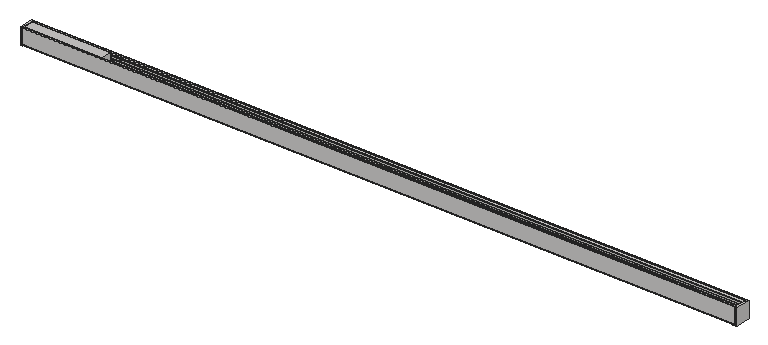
Revit family "Lighting - Luminii - Stenos - Surface Track Master Assembly", category Lighting Fixtures, host Face, Revit 2020
Family settings
  Host = Face
  Round Connector Dimension = Use Diameter
  Part Type = Normal
  OmniClass Number = 23.80.70.11.14.21
  OmniClass Title = Spots and Tracklight Specialties
  Cut with Voids When Loaded = No
  Light Source = No
  Shared = Yes
  Room Calculation Point = No
Parameters (values of type "Stenos Surface - 48"")
  Width = 121/128"  # constant formula
  Wattage Comments = "96 W Max per Track"  # constant formula
  Warranty URL = "https://www.luminii.com/terms-conditions/"
  Voltage Comments = "24 VDC"  # constant formula
  Voltage = 24 V  # constant formula
  Version = "2020 - v1.0a"  # constant formula
  URL = "https://www.luminii.com/"
  Support Phone = "224-699-9545"  # constant formula
  Support Email = "mailto:support@bimsmith.com"
  Rigth Corner Down [instance] = no
  Right Power Module [instance] = no
  Right Corner Up [instance] = no
  Right Cap [instance] = yes
  Product Page URL = "https://www.luminii.com/product/stenos-surface-track/"
  Product Name = "Stenos Surface"  # constant formula
  Product Documentation Link = "https://www.luminii.com/wp-content/uploads/z_special_catalog_products/products/stenos-surface-track/specsheets/Stenos-Surface-Recessed-Trim-Track-specification.pdf"
  Power Source Type = "Driver"  # constant formula
  Power Factor = 1
  Phase = 1
  Number of Poles = if(and(or(Voltage = 120 V, Voltage = 277 V), Phase = 1), 1, if(and(or(Voltage = 208 V, Voltage = 240 V), Phase = 1), 2, if(and(or(Voltage = 208 V, Voltage = 240 V), Phase = 3), 3, if(and(Voltage > 300 V, Phase = 1), 2, if(and(Voltage > 400 V, Phase = 3), 3, 1)))))  # 1
  Model = "STS-48"
  Manufacturer Phone Number = "224-333-6033"  # constant formula
  Manufacturer Email = "mailto:info@luminii.com"
  Manufacturer Address = "7777 N Merrimac Ave, Niles, IL 60714"  # constant formula
  Manufacturer = "Luminii"  # constant formula
  Load Classification = Lighting
  Length = if(Constraints = 1, 48", if(Constraints = 2, 96", 144"))  # 48"
  Left Power Module [instance] = yes
  Left Corner Up [instance] = no
  Left Corner Down [instance] = no
  Left Cap [instance] = yes
  Lamp = "LED"  # constant formula
  Keynote = "26 50 00"
  Instruction Sheet Link = "https://www.luminii.com/wp-content/uploads/z_special_catalog_products/products/stenos-surface-track/install-guides/Stenos-Surface-Track-instructions.pdf"
  Frequency Comments = ""  # constant formula
  Frequency = 60 Hz
  Finish = Metal - Luminii - Silver Anodized Aluminum
  Environment = "Indoor"  # constant formula
  Description = "Trim Track System"  # constant formula
  Depth = 1 5/64"  # constant formula
  Default Elevation = 0"  # constant formula
  Current Amps = 50 A
  Copyright = "©2023 Luminii"  # constant formula
  Constraints = 1
  built-in parameter 1114216 [instance] = 0  # (empty or 0)
  built-in parameter 1140040 [instance] = 1 = 1  # 1
  Assembly Comments [instance] = "Only select either a cap or a corner, please dont select both options at the same time. Power module only when corner is not selected"  # constant formula
  Assembly Code = "D5020230"
  Apparent Load = 4 VA  # constant formula
Types (3): name | Model | Length | Constraints
  Stenos Surface - 48" | "STS-48" | 48" | 1
  Stenos Surface - 96" | "STS-96" | 96" | 2
  Stenos Surface - 144" | "STS-144" | 144" | 3
Reference planes (in)
  plane 1 "Center (Front/Back)": y = 0
  plane 2: z = 0
  plane 3 "Center (Left/Right)": x = 0
  plane 4: x = -24
  plane 5: x = 24
  plane 6: y = 0.47266
  plane 7: y = -0.47266
  plane 8: z = 1.07812
Forms (in)
  Extrusion 1, solid, material "Metal - Luminii - Silver Anodized Aluminum", not visible
    sketch origin (0, 0, 0) x (1, 0, 0) y (0, 1, 0)
      loop
        circle (0, 0) r 0.5
    from 0 to -0.17225
Lines and regions (in)
  model lines
    curve 1: line (-23.20366, 0.4725, 0) -> (-23.20366, -0.4725, 0)
Dimensions and locks (in)
  equal spacing: plane 4, plane 3 "Center (Left/Right)", plane 5
  equal spacing: plane 6, plane 1 "Center (Front/Back)", plane 7
  "Length": plane 4 to plane 5
  "Width": plane 6 to plane 7
  "Depth": plane 8 to plane 2
  aligned and locked: plane 2 to host face
  aligned and locked: plane 3 "Center (Left/Right)" to Extrusion 1 sketch curve
  aligned and locked: plane 1 "Center (Front/Back)" to Extrusion 1 sketch curve
  aligned and locked: plane 2 to Extrusion 1  (x2)
  aligned and locked: nested 1 to plane 4
  aligned and locked: plane 1 "Center (Front/Back)" to nested 1
  aligned and locked: plane 4 to nested 2
  aligned and locked: plane 1 "Center (Front/Back)" to nested 2
  aligned and locked: plane 5 to nested 3
  aligned and locked: plane 1 "Center (Front/Back)" to nested 3
  aligned and locked: nested 6 to plane 1 "Center (Front/Back)"
  aligned and locked: nested 7 to nested 6
  aligned and locked: plane 4 to nested 7
  aligned and locked: nested 6 to plane 4
  aligned and locked: nested 5 to plane 5
  aligned and locked: plane 5 to nested 4
  aligned and locked: nested 5 to plane 1 "Center (Front/Back)"
  aligned and locked: plane 1 "Center (Front/Back)" to nested 4
Automatic sketch dimensions
  host sketch curve to host sketch curve = 96"  (x2)
  plane 4 to curve 1 = 0.79634"
  plane 1 "Center (Front/Back)" to curve 1 = 0.4725"
  curve 1 to plane 1 "Center (Front/Back)" = 0.4725"
  radius of Extrusion 1 sketch curve = 1/2"
Nested families (in)
  nested 1: "Nested - Track" at (0, 0, 0), type "Nested - Track"
    with Length 48"
  nested 2: "Nested - Stopper" at (-21.35827, 0, 0), visible <- "Left Power Module", type "Nested - Stopper"
  nested 3: "Nested - Stopper" at (21.35827, 0, 0), visible <- "Right Power Module", type "Nested - Stopper"
  nested 4: "Nested - Corner" at (24.97779, 0, 0), visible <- "Right Corner Up", type "Nested - Corner"
  nested 5: "Nested - Corner" at (25, 0, 0) x (0, 1, 0) z (0, 0, 1), visible <- "Rigth Corner Down", type "Nested - Corner"
  nested 6: "Nested - Corner" at (-24.97779, 0, 0) x (-1, 0, 0) z (0, 0, 1), visible <- "Left Corner Down", type "Nested - Corner"
  nested 7: "Nested - Corner" at (-25, 0, 0) x (0, -1, 0) z (0, 0, 1), visible <- "Left Corner Up", type "Nested - Corner"
Connectors (in)
  electrical at (0, 0, 0), driven by "Number of Poles", driven by "Load Classification", driven by "Voltage", driven by "Apparent Load", driven by "Power Factor"
    settings: on Extrusion 1, index 1, voltage 24 V, apparent load 4 VA, apparent load phase1 0 VA, apparent load phase2 0 VA, apparent load phase3 0 VA, power factor 1, load classification "Lighting", number of poles 1, system type 30, power factor state 1, is connector primary yes, connector utility no, sub classification motor no, connector description "Power Connection"
Definition of nested family "Nested - Track"
  Parameters
    Right Cap = yes
    Length = 28"
    Left Cap = yes
    Finish = none
    Default Elevation = 48"
  Reference planes (in)
    plane 1 "Center (Front/Back)": y = 0
    plane 2: z = 0
    plane 3 "Center (Left/Right)": x = 0
    plane 4: x = -14
    plane 5: x = 14
    plane 6: x = 14.125
    plane 7: x = -14.125
  Forms (in)
    Extrusion 1, solid
      sketch origin (0, 0, 0) x (1, 0, 0) y (0, 1, 0)
        loop
          line (-48, 48) -> (-48, -48) -> (48, -48) -> (48, 48) -> (-48, 48)
      from 0 to -12
    Sweep 2, solid, material <- "Finish"
      path origin (0, 0, 0) x (1, 0, 0) y (0, 1, 0)
        loop
          line (-14, 0) -> (14, 0)
      profile origin (0, 0, 0) x (0, 1, 0) y (0, 0, 1)
        loop
          line (-0.39203, 1.077) -> (-0.4725, 1.077) -> (-0.4725, 0.03)
          arc (-0.4725, 0.03) -> (-0.46371, 0.00879) -> (-0.4425, 0) r 0.03
          line (-0.4425, 0) -> (-0.31126, 0) -> (-0.2925, 0.07) -> (-0.3925, 0.07) -> (-0.3925, 0.205) -> (0, 0.205) -> (0.3925, 0.205) -> (0.3925, 0.07) -> (0.2925, 0.07) -> (0.31126, 0) -> (0.4425, 0)
          arc (0.4425, 0) -> (0.46371, 0.00879) -> (0.4725, 0.03) r 0.03
          line (0.4725, 0.03) -> (0.4725, 1.077) -> (0.39203, 1.077) -> (0.34295, 0.992) -> (0.4195, 0.992) -> (0.4195, 0.892) -> (0.3545, 0.892)
          arc (0.3545, 0.892) -> (0.36437, 0.83561) -> (0.36402, 0.77837) r 0.31937
          arc (0.36402, 0.77837) -> (0.34633, 0.73661) -> (0.35495, 0.69208) r 0.07777
          arc (0.35495, 0.69208) -> (0.36308, 0.6413) -> (0.3385, 0.59613) r 0.07971
          line (0.3385, 0.59613) -> (0.3385, 0.524) -> (0.3935, 0.524) -> (0.3935, 0.414) -> (0, 0.414) -> (-0.3935, 0.414) -> (-0.3935, 0.524) -> (-0.3385, 0.524) -> (-0.3385, 0.59613)
          arc (-0.3385, 0.59613) -> (-0.36308, 0.6413) -> (-0.35495, 0.69208) r 0.07971
          arc (-0.35495, 0.69208) -> (-0.34633, 0.73661) -> (-0.36402, 0.77837) r 0.07777
          arc (-0.36402, 0.77837) -> (-0.36437, 0.83561) -> (-0.3545, 0.892) r 0.31937
          line (-0.3545, 0.892) -> (-0.4195, 0.892) -> (-0.4195, 0.992) -> (-0.34295, 0.992) -> (-0.39203, 1.077)
    Sweep 3, solid, material <- "Finish", visible <- "Left Cap"
      path origin (-28, 0, 0) x (-1, 0, 0) y (0, 1, 0)
        loop
          line (-14, 0) -> (-13.875, 0)
      profile origin (-14.0625, 0, 0) x (0, -1, 0) y (0, 0, 1)
        loop
          line (0.4725, 1.077) -> (-0.4725, 1.077) -> (-0.4725, 0.03)
          arc (-0.4725, 0.03) -> (-0.46371, 0.00879) -> (-0.4425, 0) r 0.03
          line (-0.4425, 0) -> (0.4425, 0)
          arc (0.4425, 0) -> (0.46371, 0.00879) -> (0.4725, 0.03) r 0.03
          line (0.4725, 0.03) -> (0.4725, 1.077)
    Sweep 4, solid, material <- "Finish", visible <- "Right Cap"
      path origin (28, 0, 0) x (1, 0, 0) y (0, 1, 0)
        loop
          line (-14, 0) -> (-13.875, 0)
      profile origin (14.0625, 0, 0) x (0, 1, 0) y (0, 0, 1)
        loop
          line (-0.4725, 1.077) -> (-0.4725, 0.03)
          arc (-0.4725, 0.03) -> (-0.46371, 0.00879) -> (-0.4425, 0) r 0.03
          line (-0.4425, 0) -> (0.4425, 0)
          arc (0.4425, 0) -> (0.46371, 0.00879) -> (0.4725, 0.03) r 0.03
          line (0.4725, 0.03) -> (0.4725, 1.077) -> (-0.4725, 1.077)
  Dimensions and locks (in)
    equal spacing: plane 4, plane 3 "Center (Left/Right)", plane 5
    "Length": plane 4 to plane 5
    locked: plane 7 to plane 4 at 0.125
    locked: plane 5 to plane 6 at 0.125
    aligned and locked: plane 2 to Extrusion 1
    aligned and locked: level to Extrusion 1
    aligned and locked: plane 4 to Sweep 2 sketch curve
    aligned and locked: plane 1 "Center (Front/Back)" to Sweep 2 sketch curve
    aligned and locked: plane 5 to Sweep 2 sketch curve
    aligned and locked: plane 4 to Sweep 3 sketch curve
    aligned and locked: Sweep 3 sketch curve to plane 1 "Center (Front/Back)"
    aligned and locked: plane 7 to Sweep 3 sketch curve
    aligned and locked: plane 1 "Center (Front/Back)" to Sweep 4 sketch curve
    aligned and locked: plane 6 to Sweep 4 sketch curve
    aligned and locked: plane 5 to Sweep 4 sketch curve
  Automatic sketch dimensions
    Extrusion 1 sketch curve to Extrusion 1 sketch curve = 96"  (x2)
    Sweep 2 sketch curve to level = 0"  (x2)
    Sweep 2 sketch curve to profile plane = 0"  (x2)
    profile plane to Sweep 2 sketch curve = 0.04612"
    Sweep 2 sketch curve to Sweep 2 sketch curve = 0.2384"  (x2)
    level to Sweep 2 sketch curve = 0.07"  (x2)
    profile plane to Sweep 2 sketch curve = 0.2925"
    Sweep 2 sketch curve to Sweep 2 sketch curve = 0.01876"  (x2)
    Sweep 2 sketch curve to Sweep 2 sketch curve = 0.05398"  (x2)
    Sweep 2 sketch curve to Sweep 2 sketch curve = 0.05844"  (x2)
    Sweep 2 sketch curve to Sweep 2 sketch curve = 0.01155"  (x2)
    Sweep 2 sketch curve to Sweep 2 sketch curve = 0.04907"  (x2)
    Sweep 2 sketch curve to Sweep 2 sketch curve = 0.1"  (x4)
    Sweep 2 sketch curve to Sweep 2 sketch curve = 0.055"  (x2)
    Sweep 2 sketch curve to Sweep 2 sketch curve = 0.065"
    Sweep 2 sketch curve to Sweep 2 sketch curve = 0.08517"  (x2)
    Sweep 2 sketch curve to Sweep 2 sketch curve = 0.05"  (x2)
    Sweep 2 sketch curve to Sweep 2 sketch curve = 0.08047"
    Sweep 2 sketch curve to profile plane = 0.04612"
    Sweep 2 sketch curve to profile plane = 0.2925"
    Sweep 2 sketch curve to Sweep 2 sketch curve = 0.07655"
    level to Sweep 2 sketch curve = 0.03"
    level to Sweep 2 sketch curve = 0.205"
    Sweep 2 sketch curve to Sweep 2 sketch curve = 0.209"
    Sweep 2 sketch curve to Sweep 2 sketch curve = 0.11"  (x2)
    Sweep 2 sketch curve to Sweep 2 sketch curve = 0.07213"  (x2)
    Sweep 2 sketch curve to Sweep 2 sketch curve = 0.05864"  (x2)
    Sweep 2 sketch curve to Sweep 2 sketch curve = 0.13235"  (x2)
    Sweep 2 sketch curve to Sweep 2 sketch curve = 0.15418"
    Sweep 2 sketch curve to Sweep 2 sketch curve = 0"  (x3)
    Sweep 2 sketch curve to Sweep 2 sketch curve = 0.16352"  (x2)
    Sweep 2 sketch curve to Sweep 2 sketch curve = 0.085"  (x2)
    Sweep 3 sketch curve to level = 0"
    profile plane to Sweep 3 sketch curve = 0.4725"
    Sweep 3 sketch curve to Sweep 3 sketch curve = 0.03"  (x2)
    Sweep 3 sketch curve to profile plane = 0.4425"
    Sweep 3 sketch curve to Sweep 3 sketch curve = 1.047"
    Sweep 4 sketch curve to level = 0"
    profile plane to Sweep 4 sketch curve = 0.4725"
    Sweep 4 sketch curve to Sweep 4 sketch curve = 0.03"
    level to Sweep 4 sketch curve = 0.03"
    Sweep 4 sketch curve to profile plane = 0.4425"
    Sweep 4 sketch curve to Sweep 4 sketch curve = 1.047"
Definition of nested family "Nested - Stopper"
  Parameters (values of type "Nested - Stopper")
    Length = 5.28346"
    Finish = none
    Default Elevation = 48"
  Reference planes (in)
    plane 1 "Center (Front/Back)": y = 0
    plane 2: z = 0
    plane 3 "Center (Left/Right)": x = 0
    plane 4: x = -2.64173
    plane 5: x = 2.64173
  Forms (in)
    Extrusion 1, solid
      sketch origin (0, 0, 0) x (1, 0, 0) y (0, 1, 0)
        loop
          line (-48, 48) -> (-48, -48) -> (48, -48) -> (48, 48) -> (-48, 48)
      from 0 to -12
    Sweep 2, solid, material <- "Finish"
      path origin (0, 0, 0) x (1, 0, 0) y (0, 1, 0)
        loop
          line (-2.64173, 0) -> (2.64173, 0)
      profile origin (0, 0, 0) x (0, 1, 0) y (0, 0, 1)
        loop
          line (0.35827, 1.07345) -> (-0.35827, 1.07345) -> (-0.35827, 1.03408) -> (-0.33522, 1.01103) -> (-0.3248, 0.414) -> (0.3248, 0.414) -> (0.33522, 1.01103) -> (0.35827, 1.03408) -> (0.35827, 1.07345)
  Dimensions and locks (in)
    equal spacing: plane 4, plane 3 "Center (Left/Right)", plane 5
    "Length": plane 4 to plane 5
    aligned and locked: plane 2 to Extrusion 1
    aligned and locked: level to Extrusion 1
    aligned and locked: plane 5 to Sweep 2 sketch curve
    aligned and locked: plane 4 to Sweep 2 sketch curve
    aligned and locked: plane 1 "Center (Front/Back)" to Sweep 2 sketch curve
  Automatic sketch dimensions
    Extrusion 1 sketch curve to Extrusion 1 sketch curve = 96"  (x2)
    profile plane to Sweep 2 sketch curve = 0.35827"
    profile plane to Sweep 2 sketch curve = 0.3248"
    Sweep 2 sketch curve to profile plane = 0.3248"
    Sweep 2 sketch curve to profile plane = 0.33522"
    Sweep 2 sketch curve to Sweep 2 sketch curve = 0.02305"  (x4)
    level to Sweep 2 sketch curve = 0.414"
    Sweep 2 sketch curve to Sweep 2 sketch curve = 0.59703"
    Sweep 2 sketch curve to Sweep 2 sketch curve = 0.62008"
    Sweep 2 sketch curve to Sweep 2 sketch curve = 0.03937"
Definition of nested family "Nested - Corner"
  Parameters
    Length = 28"
    Finish = none
    Default Elevation = 48"
  Reference planes (in)
    plane 1 "Center (Front/Back)": y = 0
    plane 2: z = 0
    plane 3 "Center (Left/Right)": x = 0
    plane 4: x = -14
    plane 5: x = 14
  Forms (in)
    Extrusion 1, solid
      sketch origin (0, 0, 0) x (1, 0, 0) y (0, 1, 0)
        loop
          line (-48, 48) -> (-48, -48) -> (48, -48) -> (48, 48) -> (-48, 48)
      from 0 to -12
    Sweep 2, solid, material <- "Finish"
      path origin (0, 0, 0) x (1, 0, 0) y (0, 1, 0)
        loop
          line (-0.97779, 0) -> (0, 0) -> (0, 1)
      profile origin (-0.4889, 0, 0) x (0, 1, 0) y (0, 0, 1)
        loop
          line (0, 0.414) -> (-0.3545, 0.414) -> (-0.3545, 1.012) -> (-0.39203, 1.077) -> (-0.4725, 1.077) -> (-0.4725, 0.03)
          arc (-0.4725, 0.03) -> (-0.46371, 0.00879) -> (-0.4425, 0) r 0.03
          line (-0.4425, 0) -> (-0.3925, 0) -> (-0.3925, 0.186) -> (0, 0.186) -> (0.3925, 0.186) -> (0.3925, 0) -> (0.4425, 0)
          arc (0.4425, 0) -> (0.46371, 0.00879) -> (0.4725, 0.03) r 0.03
          line (0.4725, 0.03) -> (0.4725, 1.077) -> (0.39203, 1.077) -> (0.3545, 1.012) -> (0.3545, 0.414) -> (0, 0.414)
    Sweep 3, solid, material <- "Finish"
      path origin (0, 0, 0) x (1, 0, 0) y (0, 1, 0)
        loop
          line (-3.09843, 0) -> (0, 0) -> (0, 3.09843)
      profile origin (-1.54921, 0, 0) x (0, 1, 0) y (0, 0, 1)
        loop
          line (0.35827, 1.07345) -> (-0.35827, 1.07345) -> (-0.35827, 1.03408) -> (-0.33522, 1.01103) -> (-0.32504, 0.42778) -> (0.32504, 0.42778) -> (0.33522, 1.01103) -> (0.35827, 1.03408) -> (0.35827, 1.07345)
    Sweep 4, solid, material <- "Finish"
      path origin (0, 0, 0) x (1, 0, 0) y (0, 1, 0)
        loop
          line (-2.125, 0) -> (0, 0) -> (0, 2.125)
      profile origin (-1.0625, 0, 0) x (0, 1, 0) y (0, 0, 1)
        loop
          line (-0.3825, 0.06789) -> (0.3825, 0.06789) -> (0.3825, 0.186) -> (-0.3825, 0.186) -> (-0.3825, 0.06789)
  Dimensions and locks (in)
    equal spacing: plane 4, plane 3 "Center (Left/Right)", plane 5
    "Length": plane 4 to plane 5
    aligned and locked: plane 2 to Extrusion 1
    aligned and locked: level to Extrusion 1
    aligned and locked: plane 1 "Center (Front/Back)" to Sweep 2 sketch curve
  Automatic sketch dimensions
    Extrusion 1 sketch curve to Extrusion 1 sketch curve = 96"  (x2)
    Sweep 2 sketch curve to level = 0"  (x2)
    Sweep 2 sketch curve to profile plane = 0"  (x2)
    Sweep 2 sketch curve to Sweep 2 sketch curve = 0.3545"
    Sweep 2 sketch curve to Sweep 2 sketch curve = 0.03753"  (x2)
    profile plane to Sweep 2 sketch curve = 0.3925"
    Sweep 2 sketch curve to Sweep 2 sketch curve = 0.05"  (x2)
    Sweep 2 sketch curve to Sweep 2 sketch curve = 0.08047"  (x2)
    Sweep 2 sketch curve to profile plane = 0.3545"
    Sweep 2 sketch curve to profile plane = 0.3925"
    level to Sweep 2 sketch curve = 0.186"
    Sweep 2 sketch curve to Sweep 2 sketch curve = 0.228"
    Sweep 2 sketch curve to Sweep 2 sketch curve = 0.598"  (x2)
    Sweep 2 sketch curve to Sweep 2 sketch curve = 0.065"  (x2)
    Sweep 2 sketch curve to plane 3 "Center (Left/Right)" = 0"
    Sweep 2 sketch curve to Sweep 2 sketch curve = 1"
    Sweep 2 sketch curve to Sweep 2 sketch curve = 0.97779"
    plane 1 "Center (Front/Back)" to Sweep 3 sketch curve = 0"
    Sweep 3 sketch curve to plane 3 "Center (Left/Right)" = 0"
    Sweep 3 sketch curve to plane 3 "Center (Left/Right)" = 3.09843"
    Sweep 3 sketch curve to Sweep 3 sketch curve = 3.09843"
    profile plane to Sweep 3 sketch curve = 0.35827"
    profile plane to Sweep 3 sketch curve = 0.32504"
    Sweep 3 sketch curve to profile plane = 0.32504"
    Sweep 3 sketch curve to profile plane = 0.33522"
    Sweep 3 sketch curve to Sweep 3 sketch curve = 0.02305"  (x4)
    level to Sweep 3 sketch curve = 0.42778"
    Sweep 3 sketch curve to Sweep 3 sketch curve = 0.58325"
    Sweep 3 sketch curve to Sweep 3 sketch curve = 0.6063"
    Sweep 3 sketch curve to Sweep 3 sketch curve = 0.03937"
    plane 1 "Center (Front/Back)" to Sweep 4 sketch curve = 0"
    Sweep 4 sketch curve to plane 3 "Center (Left/Right)" = 0"
    Sweep 4 sketch curve to plane 3 "Center (Left/Right)" = 2 1/8"
    Sweep 4 sketch curve to Sweep 4 sketch curve = 2 1/8"
    level to Sweep 4 sketch curve = 0.06789"
    profile plane to Sweep 4 sketch curve = 0.3825"
    Sweep 4 sketch curve to Sweep 4 sketch curve = 0.11811"
    Sweep 4 sketch curve to profile plane = 0.3825"
